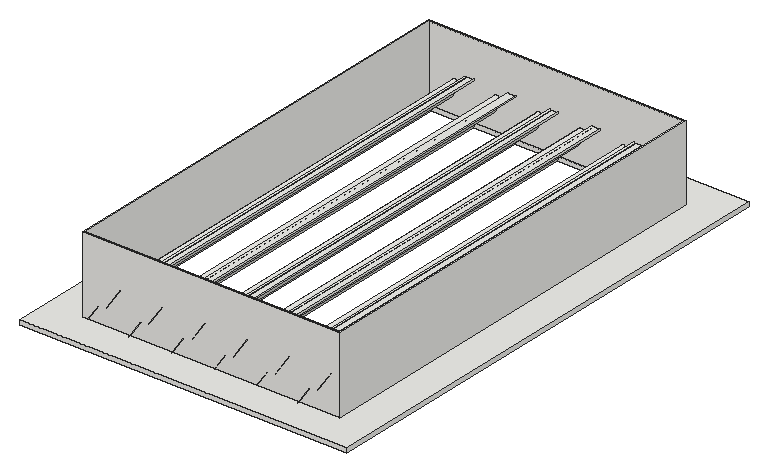
Revit family "MADEL_GRILL_EXTERNAL_BLADE 50_DXT", category Terminales de aire, Revit 2015 (continued)
Types (167, lengths in mm): name | correction_factor | Width_Connector | Q | Product Type | Product Size | Product Reference | Nº  Blades | N_Graphic lines | V[m/s] | Modelo | Lw (dB(A)) | L3 | Height_Connector | H2 | L | H1 | H | Flujo mín. | Flujo máx. | DPt | Blade Lenght | Afree
  DXT+CX 250x200 | -15.3288 | 250.0 | 376.261 m³/h | "DXT+CX 250x200" | "250x200" | "DXT+PFX+CM (T)" | 4 | 5 | 3.5 | "DXT+CX 250x200" | 35.5727 | 234.0 | 200.0 | 31.167 | 250.0 | 187.0 | 200.0 | 268.758 m³/h | 483.764 m³/h | 51.4922 Pa | 234.0 | 0.029862 m²
  DXT+CX 500x250 | -10.9131 | 500.0 | 1030.88 m³/h | "DXT+CX 500x250" | "500x250" | "DXT+PFX+CM (T)" | 5 | 6 | 3.5 | "DXT+CX 500x250" | 39.9885 | 484.0 | 250.0 | 33.857 | 500.0 | 237.0 | 250.0 | 736.344 m³/h | 1325.42 m³/h | 51.4922 Pa | 484.0 | 0.081816 m²
  DXT+CX 600x250 | -10.0948 | 600.0 | 1242.56 m³/h | "DXT+CX 600x250" | "600x250" | "DXT+PFX+CM (T)" | 5 | 6 | 3.5 | "DXT+CX 600x250" | 40.8067 | 584.0 | 250.0 | 33.857 | 600.0 | 237.0 | 250.0 | 887.544 m³/h | 1597.58 m³/h | 51.4922 Pa | 584.0 | 0.098616 m²
  DXT+CX 700x250 | -9.4056 | 700.0 | 1454.24 m³/h | "DXT+CX 700x250" | "700x250" | "DXT+PFX+CM (T)" | 5 | 6 | 3.5 | "DXT+CX 700x250" | 41.4959 | 684.0 | 250.0 | 33.857 | 700.0 | 237.0 | 250.0 | 1038.74 m³/h | 1869.74 m³/h | 51.4922 Pa | 684.0 | 0.115416 m²
  DXT+CX 800x250 | -8.8103 | 800.0 | 1665.92 m³/h | "DXT+CX 800x250" | "800x250" | "DXT+PFX+CM (T)" | 5 | 6 | 3.5 | "DXT+CX 800x250" | 42.0913 | 784.0 | 250.0 | 33.857 | 800.0 | 237.0 | 250.0 | 1189.94 m³/h | 2141.9 m³/h | 51.4922 Pa | 784.0 | 0.132216 m²
  DXT+CX 900x250 | -8.2862 | 900.0 | 1877.6 m³/h | "DXT+CX 900x250" | "900x250" | "DXT+PFX+CM (T)" | 5 | 6 | 3.5 | "DXT+CX 900x250" | 42.6154 | 884.0 | 250.0 | 33.857 | 900.0 | 237.0 | 250.0 | 1341.14 m³/h | 2414.06 m³/h | 51.4922 Pa | 884.0 | 0.149016 m²
  EXT+CX 400x250 | -11.6166 | 250.0 | 877.943 m³/h | "EXT+CX 400x250" | "250x400" | "EXT+PFX+CM (T)" | 8 | 10 | 3.5 | "EXT+CX 400x250" | 39.2849 | 234.0 | 400.0 | 35.182 | 250.0 | 387.0 | 400.0 | 627.102 m³/h | 1128.78 m³/h | 51.4922 Pa | 234.0 | 0.069678 m²
  EXT+CX 600x250 | -9.6364 | 250.0 | 1379.62 m³/h | "EXT+CX 600x250" | "250x600" | "EXT+PFX+CM (T)" | 12 | 15 | 3.5 | "EXT+CX 600x250" | 41.2652 | 234.0 | 600.0 | 36.688 | 250.0 | 587.0 | 600.0 | 985.446 m³/h | 1773.8 m³/h | 51.4922 Pa | 234.0 | 0.109494 m²
  EXT+CX 700x250 | -8.9045 | 250.0 | 1630.47 m³/h | "EXT+CX 700x250" | "250x700" | "EXT+PFX+CM (T)" | 14 | 18 | 3.5 | "EXT+CX 700x250" | 41.9971 | 234.0 | 700.0 | 36.158 | 250.0 | 687.0 | 700.0 | 1164.62 m³/h | 2096.31 m³/h | 51.4922 Pa | 234.0 | 0.129402 m²
  EXT+CX 800x250 | -8.2776 | 250.0 | 1881.31 m³/h | "EXT+CX 800x250" | "250x800" | "EXT+PFX+CM (T)" | 16 | 20 | 3.5 | "EXT+CX 800x250" | 42.624 | 234.0 | 800.0 | 37.476 | 250.0 | 787.0 | 800.0 | 1343.79 m³/h | 2418.82 m³/h | 51.4922 Pa | 234.0 | 0.14931 m²
  EXT+CX 900x250 | -7.7292 | 250.0 | 2132.15 m³/h | "EXT+CX 900x250" | "250x900" | "EXT+PFX+CM (T)" | 18 | 23 | 3.5 | "EXT+CX 900x250" | 43.1724 | 234.0 | 900.0 | 36.958 | 250.0 | 887.0 | 900.0 | 1522.96 m³/h | 2741.33 m³/h | 51.4922 Pa | 234.0 | 0.169218 m²
  EXT+CX 1500x1000 | 0.86099 | 1000.0 | 15147.3 m³/h | "EXT+CX  1500x1000" | "1000x1500" | "EXT+PFX+CM (T)" | 30 | 38 | 3.5 | "EXT+CX  1500x1000" | 51.7626 | 984.0 | 1500.0 | 38.128 | 1000.0 | 1487.0 | 1500.0 | 10819.5 m³/h | 19475.1 m³/h | 51.4922 Pa | 984.0 | 1.20217 m²
  EXT+CX 1500x200 | -6.4274 | 200.0 | 2869.85 m³/h | "EXT+CX 1500x200" | "200x1500" | "EXT+PFX+CM (T)" | 30 | 38 | 3.5 | "EXT+CX 1500x200" | 44.4742 | 184.0 | 1500.0 | 38.128 | 200.0 | 1487.0 | 1500.0 | 2049.89 m³/h | 3689.81 m³/h | 51.4922 Pa | 184.0 | 0.227766 m²
  EXT+CX 1500x300 | -4.5506 | 300.0 | 4404.53 m³/h | "EXT+CX 1500x300" | "300x1500" | "EXT+PFX+CM (T)" | 30 | 38 | 3.5 | "EXT+CX 1500x300" | 46.351 | 284.0 | 1500.0 | 38.128 | 300.0 | 1487.0 | 1500.0 | 3146.09 m³/h | 5662.97 m³/h | 51.4922 Pa | 284.0 | 0.349566 m²
  EXT+CX 1500x250 | -5.3893 | 250.0 | 3637.19 m³/h | "EXT+CX 1500x250" | "250x1500" | "EXT+PFX+CM (T)" | 30 | 38 | 3.5 | "EXT+CX 1500x250" | 45.5123 | 234.0 | 1500.0 | 38.128 | 250.0 | 1487.0 | 1500.0 | 2597.99 m³/h | 4676.39 m³/h | 51.4922 Pa | 234.0 | 0.288666 m²
  EXT+CX 1500x400 | -3.2409 | 400.0 | 5939.21 m³/h | "EXT+CX 1500x400" | "400x1500" | "EXT+PFX+CM (T)" | 30 | 38 | 3.5 | "EXT+CX 1500x400" | 47.6607 | 384.0 | 1500.0 | 38.128 | 400.0 | 1487.0 | 1500.0 | 4242.29 m³/h | 7636.13 m³/h | 51.4922 Pa | 384.0 | 0.471366 m²
  EXT+CX 1500x500 | -2.2339 | 500.0 | 7473.89 m³/h | "EXT+CX 1500x500" | "500x1500" | "EXT+PFX+CM (T)" | 30 | 38 | 3.5 | "EXT+CX 1500x500" | 48.6677 | 484.0 | 1500.0 | 38.128 | 500.0 | 1487.0 | 1500.0 | 5338.49 m³/h | 9609.29 m³/h | 51.4922 Pa | 484.0 | 0.593166 m²
  EXT+CX 1500x600 | -1.4157 | 600.0 | 9008.57 m³/h | "EXT+CX 1500x600" | "600x1500" | "EXT+PFX+CM (T)" | 30 | 38 | 3.5 | "EXT+CX 1500x600" | 49.4859 | 584.0 | 1500.0 | 38.128 | 600.0 | 1487.0 | 1500.0 | 6434.69 m³/h | 11582.4 m³/h | 51.4922 Pa | 584.0 | 0.714966 m²
  EXT+CX 1500x700 | -0.72648 | 700.0 | 10543.3 m³/h | "EXT+CX 1500x700" | "700x1500" | "EXT+PFX+CM (T)" | 30 | 38 | 3.5 | "EXT+CX 1500x700" | 50.1751 | 684.0 | 1500.0 | 38.128 | 700.0 | 1487.0 | 1500.0 | 7530.89 m³/h | 13555.6 m³/h | 51.4922 Pa | 684.0 | 0.836766 m²
  EXT+CX 1500x800 | -0.1311 | 800.0 | 12077.9 m³/h | "EXT+CX 1500x800" | "800x1500" | "EXT+PFX+CM (T)" | 30 | 38 | 3.5 | "EXT+CX 1500x800" | 50.7705 | 784.0 | 1500.0 | 38.128 | 800.0 | 1487.0 | 1500.0 | 8627.09 m³/h | 15528.8 m³/h | 51.4922 Pa | 784.0 | 0.958566 m²
  EXT+CX 1500x900 | 0.39297 | 900.0 | 13612.6 m³/h | "EXT+CX 1500x900" | "900x1500" | "EXT+PFX+CM (T)" | 30 | 38 | 3.5 | "EXT+CX 1500x900" | 51.2945 | 884.0 | 1500.0 | 38.128 | 900.0 | 1487.0 | 1500.0 | 9723.29 m³/h | 17501.9 m³/h | 51.4922 Pa | 884.0 | 1.08037 m²
  EXT+CX 2000x1000 | 2.159 | 1000.0 | 20370.5 m³/h | "EXT+CX 2000x1000" | "1000x2000" | "EXT+PFX+CM (T)" | 40 | 50 | 3.5 | "EXT+CX 2000x1000" | 53.0606 | 984.0 | 2000.0 | 38.961 | 1000.0 | 1987.0 | 2000.0 | 14550.4 m³/h | 26190.6 m³/h | 51.4922 Pa | 984.0 | 1.61671 m²
  EXT+CX 2000x400 | -1.9429 | 400.0 | 7987.22 m³/h | "EXT+CX 2000x400" | "400x2000" | "EXT+PFX+CM (T)" | 40 | 50 | 3.5 | "EXT+CX 2000x400" | 48.9587 | 384.0 | 2000.0 | 38.961 | 400.0 | 1987.0 | 2000.0 | 5705.15 m³/h | 10269.3 m³/h | 51.4922 Pa | 384.0 | 0.633906 m²
  EXT+CX 2000x500 | -0.93592 | 500.0 | 10051.1 m³/h | "EXT+CX 2000x500" | "500x2000" | "EXT+PFX+CM (T)" | 40 | 50 | 3.5 | "EXT+CX 2000x500" | 49.9657 | 484.0 | 2000.0 | 38.961 | 500.0 | 1987.0 | 2000.0 | 7179.35 m³/h | 12922.8 m³/h | 51.4922 Pa | 484.0 | 0.797706 m²
  EXT+CX 2000x600 | -0.11768 | 600.0 | 12115 m³/h | "EXT+CX 2000x600" | "600x2000" | "EXT+PFX+CM (T)" | 40 | 50 | 3.5 | "EXT+CX 2000x600" | 50.7839 | 584.0 | 2000.0 | 38.961 | 600.0 | 1987.0 | 2000.0 | 8653.55 m³/h | 15576.4 m³/h | 51.4922 Pa | 584.0 | 0.961506 m²
  EXT+CX 2000x700 | 0.57152 | 700.0 | 14178.9 m³/h | "EXT+CX 2000x700" | "700x2000" | "EXT+PFX+CM (T)" | 40 | 50 | 3.5 | "EXT+CX 2000x700" | 51.4731 | 684.0 | 2000.0 | 38.961 | 700.0 | 1987.0 | 2000.0 | 10127.8 m³/h | 18230 m³/h | 51.4922 Pa | 684.0 | 1.12531 m²
  EXT+CX 2000x800 | 1.1669 | 800.0 | 16242.7 m³/h | "EXT+CX 2000x800" | "800x2000" | "EXT+PFX+CM (T)" | 40 | 50 | 3.5 | "EXT+CX 2000x800" | 52.0685 | 784.0 | 2000.0 | 38.961 | 800.0 | 1987.0 | 2000.0 | 11602 m³/h | 20883.5 m³/h | 51.4922 Pa | 784.0 | 1.28911 m²
  EXT+CX 2000x900 | 1.691 | 900.0 | 18306.6 m³/h | "EXT+CX 2000x900" | "900x2000" | "EXT+PFX+CM (T)" | 40 | 50 | 3.5 | "EXT+CX 2000x900" | 52.5925 | 884.0 | 2000.0 | 38.961 | 900.0 | 1987.0 | 2000.0 | 13076.2 m³/h | 23537.1 m³/h | 51.4922 Pa | 884.0 | 1.45291 m²
  DXT+CX 1000x200 | -9.0786 | 1000.0 | 1566.96 m³/h | "DXT+CX 1000x200" | "1000x200" | "DXT+PFX+CM (T)" | 4 | 5 | 3.5 | "DXT+CX 1000x200" | 41.823 | 984.0 | 200.0 | 31.167 | 1000.0 | 187.0 | 200.0 | 1119.26 m³/h | 2014.66 m³/h | 51.4922 Pa | 984.0 | 0.124362 m²
  DXT+CX 1250x250 | -6.829 | 1250.0 | 2618.48 m³/h | "DXT+CX 1250x250" | "1250x250" | "DXT+PFX+CM (T)" | 5 | 6 | 3.5 | "DXT+CX 1250x250" | 44.0726 | 1234.0 | 250.0 | 33.857 | 1250.0 | 237.0 | 250.0 | 1870.34 m³/h | 3366.62 m³/h | 51.4922 Pa | 1234.0 | 0.207816 m²
  DXT+CX 1500x250 | -6.0226 | 1500.0 | 3147.68 m³/h | "DXT+CX 1500x250" | "1500x250" | "DXT+PFX+CM (T)" | 5 | 6 | 3.5 | "DXT+CX 1500x250" | 44.879 | 1484.0 | 250.0 | 33.857 | 1500.0 | 237.0 | 250.0 | 2248.34 m³/h | 4047.02 m³/h | 51.4922 Pa | 1484.0 | 0.249816 m²
  EXT+CX 500x200 | -11.5537 | 200.0 | 890.644 m³/h | "EXT+CX 500x200" | "200x500" | "EXT+PFX+CM (T)" | 10 | 13 | 3.5 | "EXT+CX 500x200" | 39.3479 | 184.0 | 500.0 | 34.786 | 200.0 | 487.0 | 500.0 | 636.174 m³/h | 1145.11 m³/h | 51.4922 Pa | 184.0 | 0.070686 m²
  EXT+CX 1250x200 | -7.2565 | 200.0 | 2375.05 m³/h | "EXT+CX 1250x200" | "200x1250" | "EXT+PFX+CM (T)" | 25 | 31 | 3.5 | "EXT+CX 1250x200" | 43.6451 | 184.0 | 1250.0 | 38.656 | 200.0 | 1237.0 | 1250.0 | 1696.46 m³/h | 3053.64 m³/h | 51.4922 Pa | 184.0 | 0.188496 m²
  EXT+CX 1250x250 | -6.2184 | 250.0 | 3010.09 m³/h | "EXT+CX 1250x250" | "250x1250" | "EXT+PFX+CM (T)" | 25 | 31 | 3.5 | "EXT+CX 1250x250" | 44.6832 | 234.0 | 1250.0 | 38.656 | 250.0 | 1237.0 | 1250.0 | 2150.06 m³/h | 3870.12 m³/h | 51.4922 Pa | 234.0 | 0.238896 m²
  EXT+CX 1250x1000 | 0.031881 | 1000.0 | 12535.7 m³/h | "EXT+CX 1250x1000" | "1000x1250" | "EXT+PFX+CM (T)" | 25 | 31 | 3.5 | "EXT+CX 1250x1000" | 50.9335 | 984.0 | 1250.0 | 38.656 | 1000.0 | 1237.0 | 1250.0 | 8954.06 m³/h | 16117.3 m³/h | 51.4922 Pa | 984.0 | 0.994896 m²
  EXT+CX 1250x300 | -5.3797 | 300.0 | 3645.13 m³/h | "EXT+CX 1250x300" | "300x1250" | "EXT+PFX+CM (T)" | 25 | 31 | 3.5 | "EXT+CX 1250x300" | 45.5218 | 284.0 | 1250.0 | 38.656 | 300.0 | 1237.0 | 1250.0 | 2603.66 m³/h | 4686.6 m³/h | 51.4922 Pa | 284.0 | 0.289296 m²
  EXT+CX 1250x400 | -4.07 | 400.0 | 4915.21 m³/h | "EXT+CX 1250x400" | "400x1250" | "EXT+PFX+CM (T)" | 25 | 31 | 3.5 | "EXT+CX 1250x400" | 46.8316 | 384.0 | 1250.0 | 38.656 | 400.0 | 1237.0 | 1250.0 | 3510.86 m³/h | 6319.56 m³/h | 51.4922 Pa | 384.0 | 0.390096 m²
  EXT+CX 1250x500 | -3.063 | 500.0 | 6185.29 m³/h | "EXT+CX 1250x500" | "500x1250" | "EXT+PFX+CM (T)" | 25 | 31 | 3.5 | "EXT+CX 1250x500" | 47.8385 | 484.0 | 1250.0 | 38.656 | 500.0 | 1237.0 | 1250.0 | 4418.06 m³/h | 7952.52 m³/h | 51.4922 Pa | 484.0 | 0.490896 m²
  EXT+CX 1250x600 | -2.2448 | 600.0 | 7455.37 m³/h | "EXT+CX 1250x600" | "600x1250" | "EXT+PFX+CM (T)" | 25 | 31 | 3.5 | "EXT+CX 1250x600" | 48.6568 | 584.0 | 1250.0 | 38.656 | 600.0 | 1237.0 | 1250.0 | 5325.26 m³/h | 9585.48 m³/h | 51.4922 Pa | 584.0 | 0.591696 m²
  EXT+CX 1250x700 | -1.5556 | 700.0 | 8725.45 m³/h | "EXT+CX 1250x700" | "700x1250" | "EXT+PFX+CM (T)" | 25 | 31 | 3.5 | "EXT+CX 1250x700" | 49.346 | 684.0 | 1250.0 | 38.656 | 700.0 | 1237.0 | 1250.0 | 6232.46 m³/h | 11218.4 m³/h | 51.4922 Pa | 684.0 | 0.692496 m²
  EXT+CX 1250x800 | -0.96021 | 800.0 | 9995.53 m³/h | "EXT+CX 1250x800" | "800x1250" | "EXT+PFX+CM (T)" | 25 | 31 | 3.5 | "EXT+CX 1250x800" | 49.9414 | 784.0 | 1250.0 | 38.656 | 800.0 | 1237.0 | 1250.0 | 7139.66 m³/h | 12851.4 m³/h | 51.4922 Pa | 784.0 | 0.793296 m²
  EXT+CX 1250x900 | -0.43614 | 900.0 | 11265.6 m³/h | "EXT+CX 1250x900" | "900x1250" | "EXT+PFX+CM (T)" | 25 | 31 | 3.5 | "EXT+CX 1250x900" | 50.4654 | 884.0 | 1250.0 | 38.656 | 900.0 | 1237.0 | 1250.0 | 8046.86 m³/h | 14484.4 m³/h | 51.4922 Pa | 884.0 | 0.894096 m²
  EXT+CX 1750x1000 | 1.5579 | 1000.0 | 17758.9 m³/h | "EXT+CX  1750x1000" | "1000x1750" | "EXT+PFX+CM (T)" | 35 | 44 | 3.5 | "EXT+CX  1750x1000" | 52.4595 | 984.0 | 1750.0 | 38.6 | 1000.0 | 1737.0 | 1750.0 | 12684.9 m³/h | 22832.9 m³/h | 51.4922 Pa | 984.0 | 1.40944 m²
  EXT+CX 1750x400 | -2.544 | 400.0 | 6963.21 m³/h | "EXT+CX  1750x400" | "400x1750" | "EXT+PFX+CM (T)" | 35 | 44 | 3.5 | "EXT+CX  1750x400" | 48.3576 | 384.0 | 1750.0 | 38.6 | 400.0 | 1737.0 | 1750.0 | 4973.72 m³/h | 8952.7 m³/h | 51.4922 Pa | 384.0 | 0.552636 m²
  EXT+CX 1750x500 | -1.537 | 500.0 | 8762.49 m³/h | "EXT+CX  1750x500" | "500x1750" | "EXT+PFX+CM (T)" | 35 | 44 | 3.5 | "EXT+CX  1750x500" | 49.3645 | 484.0 | 1750.0 | 38.6 | 500.0 | 1737.0 | 1750.0 | 6258.92 m³/h | 11266.1 m³/h | 51.4922 Pa | 484.0 | 0.695436 m²
  EXT+CX 1750x600 | -0.71879 | 600.0 | 10561.8 m³/h | "EXT+CX  1750x600" | "600x1750" | "EXT+PFX+CM (T)" | 35 | 44 | 3.5 | "EXT+CX  1750x600" | 50.1828 | 584.0 | 1750.0 | 38.6 | 600.0 | 1737.0 | 1750.0 | 7544.12 m³/h | 13579.4 m³/h | 51.4922 Pa | 584.0 | 0.838236 m²
  EXT+CX 1750x700 | -0.029583 | 700.0 | 12361.1 m³/h | "EXT+CX  1750x700" | "700x1750" | "EXT+PFX+CM (T)" | 35 | 44 | 3.5 | "EXT+CX  1750x700" | 50.872 | 684.0 | 1750.0 | 38.6 | 700.0 | 1737.0 | 1750.0 | 8829.32 m³/h | 15892.8 m³/h | 51.4922 Pa | 684.0 | 0.981036 m²
  EXT+CX 1750x800 | 0.5658 | 800.0 | 14160.3 m³/h | "EXT+CX  1750x800" | "800x1750" | "EXT+PFX+CM (T)" | 35 | 44 | 3.5 | "EXT+CX  1750x800" | 51.4674 | 784.0 | 1750.0 | 38.6 | 800.0 | 1737.0 | 1750.0 | 10114.5 m³/h | 18206.1 m³/h | 51.4922 Pa | 784.0 | 1.12384 m²
  EXT+CX 1750x900 | 1.0899 | 900.0 | 15959.2 m³/h | "EXT+CX  1750x900" | "900x1750" | "EXT+PFX+CM (T)" | 35 | 44 | 3.4999 | "EXT+CX  1750x900" | 51.9908 | 884.0 | 1750.0 | 38.6 | 900.0 | 1737.0 | 1750.0 | 11399.7 m³/h | 20519.5 m³/h | 51.4896 Pa | 884.0 | 1.26664 m²
